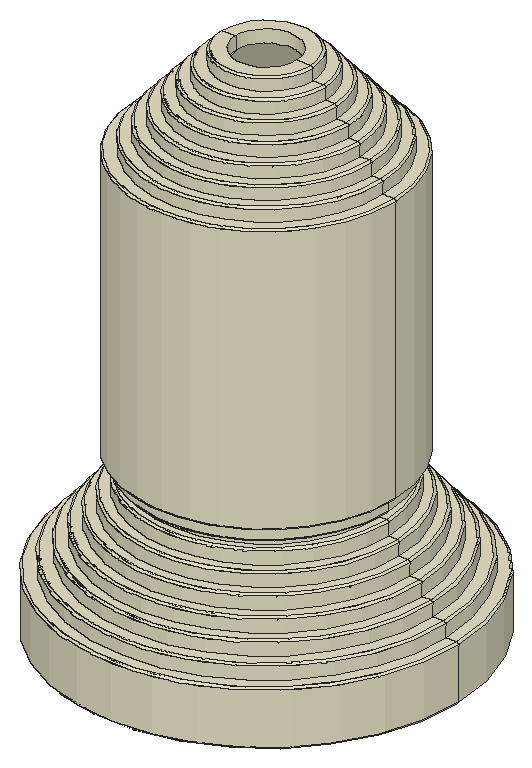
Revit family "Indoor_Table Lamp_Santa&Cole_Babel", category Luminarias, Revit 2018
Family settings
  Cota de conector redondo = Diámetro de uso
  Tipo de pieza = Normal
  Número OmniClass = 23.80.70.00
  Título OmniClass = Lighting
  Se basa en plano de trabajo = No
  Siempre vertical = Sí
  Corte con vacíos al cargar = No
  Origen de luz = Sí
  Compartido = No
  Punto de cálculo de habitación = No
Parameters (values of type "Babel")
  Wattage = 10 W
  Technical Information = "https://www.santacole.com/recursos/productos/downloads/pdf_espec_tecnicas/Babel_data%20sheet.pdf"
  built-in parameter 1150110 = 1 (stored number, unit not read)
  URL = "https://www.santacole.com/en/catalogue/table-lamps/babel"
  Manufacturer website = "http://www.santacole.com"
  built-in parameter 1114217 = 1 (stored number, unit not read)
  built-in parameter 1150109 = 1 (stored number, unit not read)
  Energy Label = "https://www.santacole.com/recursos/productos/downloads/pdf_energy_label/Energy%20Label_BABEL_without_bulb.pdf"
  Designed by = "Àngel Jové, 1971"
  Contact phone = "+34.938.619.100"
  Contact e-mail = "info@santacole.com"
  built-in parameter 1150134 = (empty or 0)
  built-in parameter 1150113 = 1 (stored number, unit not read)
  Modelo = "Babel"
  Fabricante = "Santa & Cole"
  Lumens = 1485.42 lm
  built-in parameter 1150115 = 1 (stored number, unit not read)
  built-in parameter 1150105 = 118.21 (stored number, unit not read)
  Load = 10 W
  Tamaño de símbolo de origen de luz = 50 mm
  built-in parameter 1150137 = (empty or 0)
  built-in parameter 1150139 = (empty or 0)
  built-in parameter 1150112 = 1 (stored number, unit not read)
  built-in parameter 1150114 = 1 (stored number, unit not read)
  Lamp = ""
  built-in parameter 1150132 = (empty or 0)
  built-in parameter 1150102 = (empty or 0)
  built-in parameter 1150138 = (empty or 0)
  built-in parameter 1150107 = 2700 (stored number, unit not read)
  built-in parameter 1150106 = 1.1821 (stored number, unit not read)
  built-in parameter 1150104 = 13.8 (stored number, unit not read)
  Code = "BAB01"
  Dimming Lamp Color Temperature Shift = (empty or 0)
  Color Filter = 16777215
  built-in parameter 1114218 = 1 (stored number, unit not read)
  Assembly instructions - UL = "https://www.santacole.com/recursos/productos/downloads/pdf_montaje/Babel_im_UL.pdf"
  Assembly instructions - CE = "https://www.santacole.com/recursos/productos/downloads/pdf_montaje/Babel_im_CE.pdf"
  built-in parameter 1150133 = 10 (stored number, unit not read)
  Apparent Load = 10 VA
Reference planes
  plane 1 "Light Source Axis (F/B)": y = 0
  plane 2: z = 0
  plane 3 "Light Source Axis (L/R)": x = 0
  plane 4 "Light Source Elevation": z = 212
  plane 5: through (-85.313, 126.733, 1200) normal (-0.5584, 0.8296, 0)
  plane 6: through (85.313, -126.733, 1200) normal (0.5584, -0.8296, 0)
Forms (mm)
  Revolve 1, solid, material "Santa & Cole - Alabaster"
    sketch origin (0, 0, 0) x (1, 0, 0) y (0, 0, 1)
      loop
        line (0, 22) -> (0, 43) -> (-80, 43) -> (-80, 327) -> (-24, 395) -> (-24, 405) -> (-34.5, 405) -> (-36, 403.5) -> (-36, 395) -> (-44.5, 395) -> (-46, 393.5) -> (-46, 385) -> (-53.5, 385) -> (-55, 383.5) -> (-55, 375) -> (-62.5, 375) -> (-64, 373.5) -> (-64, 365) -> (-71.5, 365) -> (-73, 363.5) -> (-73, 355) -> (-80.5, 355) -> (-82, 353.5) -> (-82, 345) -> (-89.5, 345) -> (-91, 343.5) -> (-91, 335) -> (-99.5, 335) -> (-101, 333.5) -> (-101, 126.5) -> (-99.5, 125) -> (-93.5, 125) -> (-95, 123.5) -> (-95, 115.5) -> (-93.5, 114) -> (-88.5, 114) -> (-88.5, 109) -> (-93.5, 109) -> (-95, 107.5) -> (-95, 98) -> (-102, 98) -> (-103.5, 96.5) -> (-103.5, 87) -> (-110.5, 87) -> (-112, 85.5) -> (-112, 76) -> (-119.5, 76) -> (-121, 74.5) -> (-121, 65) -> (-128.5, 65) -> (-130, 63.5) -> (-130, 54) -> (-138.5, 54) -> (-140, 52.5) -> (-140, 43) -> (-148.5, 43) -> (-150, 41.5) -> (-150, 1.5) -> (-148.5, 0) -> (-41.5, 0) -> (-40, 1.5) -> (-40, 22) -> (0, 22)
      axis (0, 0) -> (0, 405)
    angle from 0 to 360
Lines and regions (mm)
  model lines, style "Predeterminado", not visible
    curve 1: line (0, -3.75, 375) -> (0, 3.75, 375)
    curve 2: line (0, 3.75, 375) -> (0, -3.75, 375)
    curve 3: line (0, 15, 86.75) -> (0, -15, 86.75)
    curve 4: line (0, -10, 65) -> (0, -15, 82.176)
    curve 5: line (0, -10, 25) -> (0, -10, 65)
    curve 6: line (0, 6.344, 17.27) -> (0, 10, 25)
    curve 7: line (0, -1.951, 15.192) -> (0, 6.344, 17.27)
    curve 8: line (0, -10, 25) -> (0, -1.951, 15.192)
    curve 9: line (0, 10, 25) -> (0, 10, 65)
    curve 10: line (0, 15, 82.176) -> (0, 10, 65)
    curve 11: line (0, 15, 86.75) -> (0, -15, 86.75)
Dimensions and locks
  aligned and locked: plane 3 "Light Source Axis (L/R)" to imposter light
  aligned and locked: plane 1 "Light Source Axis (F/B)" to imposter light
  aligned and locked: plane 4 "Light Source Elevation" to imposter light
  aligned and locked: level to plane 2
